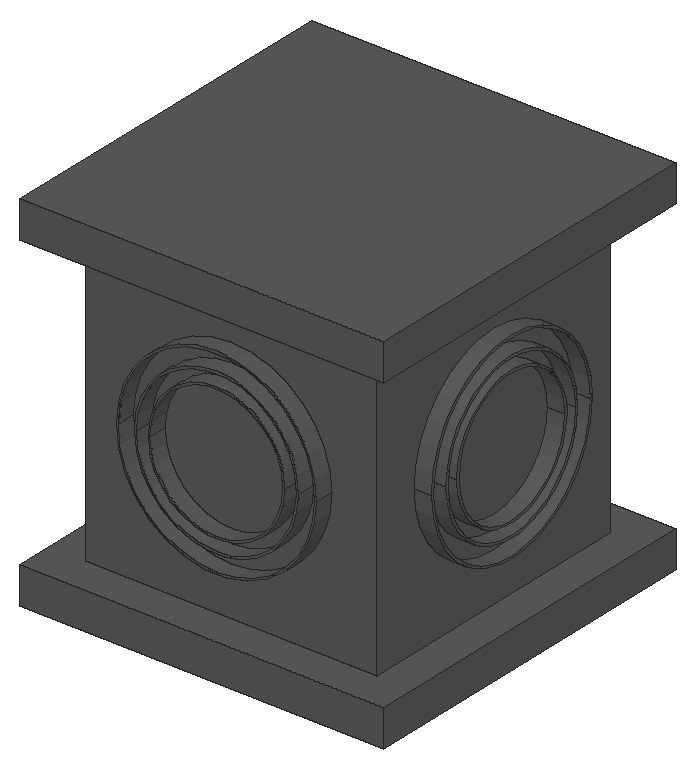
Revit family "FA_КолодецЗаземления_88203_EZETEK", category Системы пожарной сигнализации, Revit 2017
Family settings
  Сохранять ориентацию аннотаций = Нет
  Размер круглого соединителя = Использовать радиус
  Тип детали = Нормальный
  На основе рабочей плоскости = Нет
  Всегда вертикально = Да
  При загрузке вырезать с полостями = Нет
  Общий = Да
  Точка расчета площади = Нет
Parameters (values of type "КолодецЗаземления_88203_EZETEK")
  Угол = 90.00°  # constant formula
  Производитель_Контакты = "ezetek@ezetek.ru"  # constant formula
  Описание = "Колодец заземления изготовлен из пластмассы, позволяет осуществлять осмотр соединения «заземлитель — заземляющий проводник», а также проводить контрольные измерения сопротивления системы заземления. Колодец заземления монтируется в грунт на одном уровне с поверхностью земли. Размер 200 х 200 х 200 мм, максимально допустимая нагрузка 12 кг/см 2."  # constant formula
  Использовать масштаб аннотаций [instance] = 1 = 0  # 0
  Изготовитель = "Ezetek"  # constant formula
  Группа модели = "Электролитическое заземление"  # constant formula
  URL = "https://ezetek.ru/"
  ADSK_Этаж [instance] = ""
  ADSK_Примечание [instance] = ""
  ADSK_Позиция [instance] = ""
  ADSK_Обозначение = "88203"
  ADSK_Наименование краткое [instance] = "Колодец заземления"
  ADSK_Наименование = "Колодец заземления контрольно-измерительный 200х200х200 мм, пластик"
  ADSK_Материал = BIMLIB_Пластик_Черный_EZETEK
  ADSK_Масса_Текст = "0.91"  # constant formula
  ADSK_Масса = 0.91  # constant formula
  ADSK_Марка = "88203"
  ADSK_Количество = 1  # constant formula
  ADSK_Код изделия = "88203"
  ADSK_Завод-изготовитель = "Ezetek"  # constant formula
  ADSK_Единица измерения = "шт."  # constant formula
  ADSK_Группирование [instance] = ""
  ADSK_Версия Revit = "2017"  # constant formula
Reference planes
  plane 1 "По центру (Вперед/Назад)": y = 0
  plane 2: z = 0
  plane 3 "По центру (Влево/Вправо)": x = 0
  plane 4: x = -100
  plane 5: x = 100
  plane 6: y = 100
  plane 7: y = -100
  plane 8: z = 200
  plane 9: z = 20
  plane 10: z = 180
  plane 11: y = 80
  plane 12: y = -80
  plane 13: x = -80
  plane 14: x = 80
  plane 15: y = -90
  plane 16: y = 90
  plane 17: y = 55
  plane 18: y = -55
  plane 19: x = -55
  plane 20: x = 55
  plane 21: x = -90
  plane 22: x = 90
  plane 23: z = 100
  plane 24: z = 155
  plane 25: z = 45
Forms (mm)
  Extrusion 1, solid, material "BIMLIB_Пластик_Черный_EZETEK" <- "ADSK_Материал", detail levels fine
    sketch origin (0, 0, 0) x (1, 0, 0) y (0, 0, -1)
      loop
        circle (0, -101) r 55
      loop
        circle (0, -101) r 54
      loop
        circle (0, -101) r 45
      loop
        circle (0, -101) r 44
      loop
        circle (0, -101) r 37.5
      loop
        circle (0, -101) r 36.5
    from 90 to 80
  Extrusion 2, solid, material "BIMLIB_Пластик_Черный_EZETEK" <- "ADSK_Материал", detail levels fine
    sketch origin (0, 0, 0) x (1, 0, 0) y (0, 1, 0)
      loop
        line (-100, 100) -> (-100, -100) -> (100, -100) -> (100, 100) -> (-100, 100)
    from 20 to 0
  Extrusion 3, solid, material "BIMLIB_Пластик_Черный_EZETEK" <- "ADSK_Материал", detail levels fine
    sketch origin (0, 0, 0) x (1, 0, 0) y (0, 1, 0)
      loop
        line (-100, 100) -> (-100, -100) -> (100, -100) -> (100, 100) -> (-100, 100)
    from 200 to 180
  Extrusion 4, solid, material "BIMLIB_Пластик_Черный_EZETEK" <- "ADSK_Материал", detail levels fine
    sketch origin (0, 0, 0) x (1, 0, 0) y (0, 1, 0)
      loop
        line (-80, 80) -> (-80, -80) -> (80, -80) -> (80, 80) -> (-80, 80)
    from 180 to 20
  Extrusion 5, solid, material "BIMLIB_Пластик_Черный_EZETEK" <- "ADSK_Материал", detail levels fine
    sketch origin (0, -170, 0) x (1, 0, 0) y (0, 0, -1)
      loop
        circle (0, -101) r 55
      loop
        circle (0, -101) r 54
      loop
        circle (0, -101) r 45
      loop
        circle (0, -101) r 44
      loop
        circle (0, -101) r 37.5
      loop
        circle (0, -101) r 36.5
    from 90 to 80
  Extrusion 6, solid, material "BIMLIB_Пластик_Черный_EZETEK" <- "ADSK_Материал", detail levels fine
    sketch origin (170, 0, 0) x (0, 1, 0) y (0, 0, -1)
      loop
        circle (0, -101) r 55
      loop
        circle (0, -101) r 54
      loop
        circle (0, -101) r 45
      loop
        circle (0, -101) r 44
      loop
        circle (0, -101) r 37.5
      loop
        circle (0, -101) r 36.5
    from 90 to 80
  Extrusion 7, solid, material "BIMLIB_Пластик_Черный_EZETEK" <- "ADSK_Материал", detail levels fine
    sketch origin (-170, 0, 0) x (0, 1, 0) y (0, 0, 1)
      loop
        circle (0, 101) r 55
      loop
        circle (0, 101) r 54
      loop
        circle (0, 101) r 45
      loop
        circle (0, 101) r 44
      loop
        circle (0, 101) r 37.5
      loop
        circle (0, 101) r 36.5
    from 90 to 80
Dimensions and locks
  equal spacing: plane 4, plane 3 "По центру (Влево/Вправо)", plane 5
  locked: plane 4 to plane 5 at 200
  equal spacing: plane 6, plane 1 "По центру (Вперед/Назад)", plane 7
  locked: plane 6 to plane 7 at 200
  locked: plane 8 to plane 2 at 200
  locked: plane 9 to plane 2 at 20
  plane 5 to plane 4 = 200 mm
  plane 6 to plane 7 = 200 mm
  plane 8 to plane 2 = 200 mm
  locked: plane 6 to plane 11 at 20
  locked: plane 12 to plane 7 at 20
  plane 9 to plane 2 = 20 mm
  locked: plane 13 to plane 4 at 20
  locked: plane 5 to plane 14 at 20
  locked: plane 16 to plane 11 at 10
  locked: plane 12 to plane 15 at 10
  equal spacing: plane 17, plane 1 "По центру (Вперед/Назад)", plane 18
  locked: plane 18 to plane 17 at 110
  equal spacing: plane 19, plane 3 "По центру (Влево/Вправо)", plane 20
  locked: plane 19 to plane 20 at 110
  locked: plane 21 to plane 13 at 10
  locked: plane 14 to plane 22 at 10
  locked: plane 8 to plane 10 at 20
  equal spacing: plane 8, plane 23, plane 2
  locked: plane 24 to plane 25 at 110
  plane 10 to plane 24 = 25 mm
  plane 25 to plane 9 = 25 mm
  plane 16 to plane 11 = 10 mm
  aligned and locked: level to plane 2
  aligned and locked: plane 16 to Extrusion 1
  aligned and locked: Extrusion 1 to plane 11
  aligned and locked: Extrusion 2 sketch curve to plane 6
  aligned and locked: plane 4 to Extrusion 2 sketch curve
  aligned and locked: Extrusion 2 sketch curve to plane 7
  aligned and locked: Extrusion 2 sketch curve to plane 5
  aligned and locked: plane 9 to Extrusion 2
  aligned and locked: Extrusion 2 to plane 2
  aligned and locked: Extrusion 3 sketch curve to Extrusion 2  (x3)
  aligned and locked: Extrusion 3 sketch curve to plane 7
  aligned and locked: plane 8 to Extrusion 3
  aligned and locked: Extrusion 3 to plane 10
  aligned and locked: Extrusion 4 sketch curve to plane 11
  aligned and locked: plane 13 to Extrusion 4 sketch curve
  aligned and locked: Extrusion 4 sketch curve to plane 12
  aligned and locked: plane 14 to Extrusion 4 sketch curve
  aligned and locked: plane 10 to Extrusion 4
  aligned and locked: Extrusion 4 to plane 9
  aligned and locked: plane 15 to Extrusion 5
  aligned and locked: Extrusion 5 to plane 12
  aligned and locked: Extrusion 6 to plane 22
  aligned and locked: plane 14 to Extrusion 6
  aligned and locked: Extrusion 7 to plane 21
  aligned and locked: plane 13 to Extrusion 7
Automatic sketch dimensions
  Extrusion 1 sketch curve to Extrusion 1 sketch curve = 0 mm  (x30)
  Extrusion 1 sketch curve to plane 3 "По центру (Влево/Вправо)" = 0 mm
  plane 23 to Extrusion 1 sketch curve = 1 mm
  Extrusion 5 sketch curve to Extrusion 5 sketch curve = 0 mm  (x30)
  Extrusion 5 sketch curve to plane 3 "По центру (Влево/Вправо)" = 0 mm
  plane 23 to Extrusion 5 sketch curve = 1 mm
  Extrusion 6 sketch curve to Extrusion 6 sketch curve = 0 mm  (x30)
  Extrusion 6 sketch curve to plane 1 "По центру (Вперед/Назад)" = 0 mm
  plane 23 to Extrusion 6 sketch curve = 1 mm
  Extrusion 7 sketch curve to Extrusion 7 sketch curve = 0 mm  (x30)
  Extrusion 7 sketch curve to plane 1 "По центру (Вперед/Назад)" = 0 mm
  plane 23 to Extrusion 7 sketch curve = 1 mm
  radius of Extrusion 1 sketch curve = 55 mm
  radius of Extrusion 1 sketch curve = 54 mm
  radius of Extrusion 1 sketch curve = 45 mm
  radius of Extrusion 1 sketch curve = 44 mm
  radius of Extrusion 1 sketch curve = 37.5 mm
  radius of Extrusion 1 sketch curve = 36.5 mm
  radius of Extrusion 5 sketch curve = 55 mm
  radius of Extrusion 5 sketch curve = 54 mm
  radius of Extrusion 5 sketch curve = 45 mm
  radius of Extrusion 5 sketch curve = 44 mm
  radius of Extrusion 5 sketch curve = 37.5 mm
  radius of Extrusion 5 sketch curve = 36.5 mm
  radius of Extrusion 6 sketch curve = 55 mm
  radius of Extrusion 6 sketch curve = 54 mm
  radius of Extrusion 6 sketch curve = 45 mm
  radius of Extrusion 6 sketch curve = 44 mm
  radius of Extrusion 6 sketch curve = 37.5 mm
  radius of Extrusion 6 sketch curve = 36.5 mm
  radius of Extrusion 7 sketch curve = 55 mm
  radius of Extrusion 7 sketch curve = 54 mm
  radius of Extrusion 7 sketch curve = 45 mm
  radius of Extrusion 7 sketch curve = 44 mm
  radius of Extrusion 7 sketch curve = 37.5 mm
  radius of Extrusion 7 sketch curve = 36.5 mm
